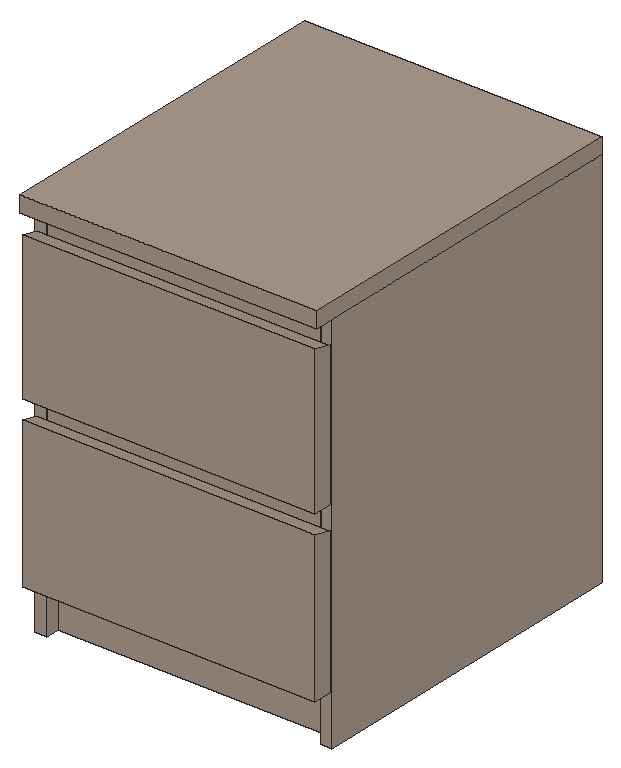
Revit family
Reference planes (in)
  plane 1 "Center Front/Back": y = 0
  plane 2: z = 0
  plane 3 "Center Left/Right": x = 0
  plane 4: x = 7.9375
  plane 5: x = -7.9375
  plane 6: y = 9.5
  plane 7: y = -9.5
  plane 8: z = 2.625
  plane 9: z = 10.625
  plane 10: z = 11.625
  plane 11: z = 19.5
  plane 12: z = 20.5
  plane 13: z = 21.375
  plane 14: x = -7.3125
  plane 15: x = 7.3125
  plane 16: x = -7.8125
  plane 17: x = 7.8125
  plane 18: y = -8.5
  plane 19: y = -8.125
  plane 20: z = 18.5
  plane 21: z = 9.625
  plane 22: y = -7.75
  plane 23: y = -7.375
  plane 24: y = 9.125
  plane 25: y = 9.25
Forms (in)
  Extrusion 1, solid, material "Birch"
    sketch origin (0, 0, 0) x (0, 1, 0) y (0, 0, 1)
      loop
        line (9.5, 21.375) -> (-9.5, 21.375) -> (-9.5, 20.5) -> (9.5, 20.5) -> (9.5, 21.375)
    from -7.9375 to 7.9375
  Extrusion 2, solid, material "Birch"
    sketch origin (0, 0, 0) x (1, 0, 0) y (0, 0, 1)
      loop
        line (7.9375, 20.5) -> (7.3125, 20.5) -> (7.3125, 0) -> (7.9375, 0) -> (7.9375, 20.5)
      loop
        line (-7.9375, 20.5) -> (-7.9375, 0) -> (-7.3125, 0) -> (-7.3125, 20.5) -> (-7.9375, 20.5)
    from -9.5 to 8.5
  Extrusion 3, solid, material "Birch"
    sketch origin (0, 0, 0) x (0, 1, 0) y (0, 0, 1)
      loop
        line (-8.5, 19.25) -> (-9.5, 19.5) -> (-9.5, 11.625) -> (-8.5, 11.625) -> (-8.5, 19.25)
      loop
        line (-9.5, 10.625) -> (-9.5, 2.625) -> (-8.5, 2.625) -> (-8.5, 10.375) -> (-9.5, 10.625)
    from -7.8125 to 7.8125
  Extrusion 4, solid, material "Birch"
    sketch origin (0, 0, 0) x (0, 1, 0) y (0, 0, 1)
      loop
        line (-8.5, 20.5) -> (-8.5, 18.5) -> (-8.125, 18.5) -> (-8.125, 20.5) -> (-8.5, 20.5)
      loop
        line (-8.5, 11.625) -> (-8.5, 9.625) -> (-8.125, 9.625) -> (-8.125, 11.625) -> (-8.5, 11.625)
    from -7.3125 to 7.3125
  Extrusion 5, solid, material "Birch"
    sketch origin (0, 0, 0) x (0, 1, 0) y (0, 0, 1)
      loop
        line (-7.375, 2.625) -> (-7.75, 2.625) -> (-7.75, 0) -> (-7.375, 0) -> (-7.375, 2.625)
    from -7.3125 to 7.3125
  Extrusion 6, solid, material "Birch"
    sketch origin (0, 0, 0) x (0, 1, 0) y (0, 0, 1)
      loop
        line (9.5, 2.625) -> (9.125, 2.625) -> (9.125, 0) -> (9.5, 0) -> (9.5, 2.625)
    from -7.3125 to 7.3125
  Extrusion 7, solid, material "Back Board"
    sketch origin (0, 0, 0) x (0, 1, 0) y (0, 0, 1)
      loop
        line (9.25, 20.5) -> (9.125, 20.5) -> (9.125, 2.625) -> (9.25, 2.625) -> (9.25, 20.5)
    from -7.3125 to 7.3125
Dimensions and locks (in)
  locked: plane 7 to plane 6 at 19  (x2)
  locked: plane 13 to level at 21.375  (x3)
  locked: plane 6 to plane 7 at 19
  locked: plane 5 to plane 4 at 15.875
  locked: level to plane 13 at 21.375
  locked: plane 17 to plane 16 at 15.625
  locked: plane 16 to plane 17 at 15.625
  aligned and locked: level to plane 2
  aligned and locked: plane 4 to Extrusion 1
  aligned and locked: plane 5 to Extrusion 1
  aligned and locked: Extrusion 1 to plane 6
  aligned and locked: plane 7 to Extrusion 1
  aligned and locked: Extrusion 2 to plane 6
  aligned and locked: Extrusion 2 to plane 18
  aligned and locked: Extrusion 3 to plane 16
  aligned and locked: plane 17 to Extrusion 3
  aligned and locked: plane 15 to Extrusion 4
  aligned and locked: Extrusion 4 to plane 14
  aligned and locked: Extrusion 5 to plane 14
  aligned and locked: plane 15 to Extrusion 5
  aligned and locked: Extrusion 6 to plane 14
  aligned and locked: plane 15 to Extrusion 6
  aligned and locked: Extrusion 7 to plane 8
  aligned and locked: plane 12 to Extrusion 7
